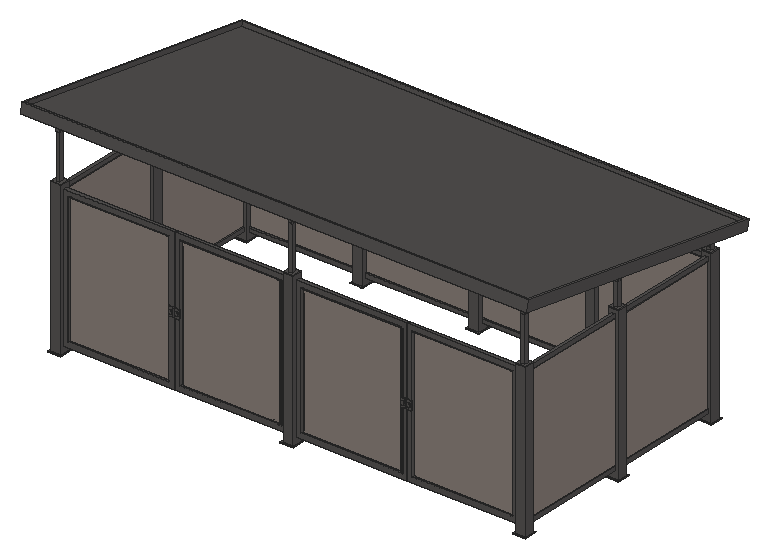
Revit family "Specialty_Equipment-Covrit-Roofed_Enclosure-Double-rev2", category Specialty Equipment, Revit 2023
Family settings
  Round Connector Dimension = Use Diameter
  Part Type = Normal
  Work Plane-Based = No
  Enable Cutting in Views = No
  Always vertical = Yes
  Cut with Voids When Loaded = No
  Maintain Annotation Orientation = No
  Shared = No
  Room Calculation Point = No
Parameters (values of type "1122R")
  URL = "https://cityscapesinc.com/"
  Model = "1122R"
  CD_Width Requested = 22' - 0"
  CD_Width Min = 22' - 0"  # constant formula
  CD_Width Max = 26' - 0"  # constant formula
  CD_Width = if(CD_Width Requested < CD_Width Min, CD_Width Min, if(CD_Width Requested > CD_Width Max, CD_Width Max, CD_Width Requested))  # 22' - 0"
  Type Comments = if(CD_Surface Mount, "Surface Mounted Covrit System", "Direct Bury Covrit System")  # "Surface Mounted Covrit System"
  CD_Surface Mount = not(CD_Direct Bury)  # yes
  CD_Product Page = "https://cityscapesinc.com/products/covrit/dumpster-enclosures"
  CD_Product Name = "Covrit Dumpster Enclosure"  # constant formula
  CD_Product Documentation Link = "https://cityscapesinc.com/products/covrit/dumpster-enclosures"
  CD_Post Spacing Width = (CD_Width / CD_# Panels Width)  # 11' - 0"
  CD_Post Spacing Depth = CD_Depth / 2  # 5' - 6"
  Manufacturer = "CityScapes"  # constant formula
  CD_Microsite = "https://www.caddetails.com/"
  CD_Infill = no
  CD_Height Roof Eave = 7' - 9"  # constant formula
  CD_Direct Bury = no
  Description = "Dumpster Gates & Walls"  # constant formula
  CD_Depth Requested = 11' - 0"
  CD_Depth Min = 11' - 0"  # constant formula
  CD_Depth Max = 13' - 0"  # constant formula
  CD_Depth = if(CD_Depth Requested < CD_Depth Min, CD_Depth Min, if(CD_Depth Requested > CD_Depth Max, CD_Depth Max, CD_Depth Requested))  # 11' - 0"
  CD_Height Wall = if(CD_8' Wall, 8' 0", if(CD_9' Wall, 9' 0", 7' 0"))  # 7' - 0"
  CD_Height Roof Peak = CD_Height Wall + 3' 8"  # 10' - 8"
  Default Elevation = 0' - 0"  # constant formula
  CD_Width Gate = CD_Width / 2  # 11' - 0"
  CD_Finish Frame = Metal-Aluminum-Cityscapes-Electric_Black
  CD_Finish = Plastic-PVC-CityScapes-Vertical-Kona
  CD_Embeddment Offset = if(CD_Direct Bury, 4' 0", 0' 0")  # 0' - 0"
  CD_9' Wall = no
  CD_8' Wall = no
  CD_7' Wall = not(or(CD_8' Wall, CD_9' Wall))  # yes
  CD_# Panels Width = 2  # constant formula
Types (8): name | Model | CD_Width Requested | CD_Width | CD_Post Spacing Width | CD_Post Spacing Depth | CD_Infill | CD_Depth Requested | CD_Depth | CD_Width Gate
  (no name) | "1122R" | 22' - 0" | 22' - 0" | 11' - 0" | 5' - 6" | no | 11' - 0" | 11' - 0" | 11' - 0"
  1122R | "1122R" | 22' - 0" | 22' - 0" | 11' - 0" | 5' - 6" | no | 11' - 0" | 11' - 0" | 11' - 0"
  1122R (Infill) | "1122R" | 22' - 0" | 22' - 0" | 11' - 0" | 5' - 6" | yes | 11' - 0" | 11' - 0" | 11' - 0"
  1133R | "1133R" | 33' - 0" | 26' - 0" | 13' - 0" | 5' - 6" | no | 11' - 0" | 11' - 0" | 13' - 0"
  1133R (Infill) | "1133R" | 33' - 0" | 26' - 0" | 13' - 0" | 5' - 6" | yes | 11' - 0" | 11' - 0" | 13' - 0"
  1326R | "1326R" | 26' - 0" | 26' - 0" | 13' - 0" | 6' - 6" | no | 13' - 0" | 13' - 0" | 13' - 0"
  1326R (Infill) | "1326R" | 26' - 0" | 26' - 0" | 13' - 0" | 6' - 6" | yes | 13' - 0" | 13' - 0" | 13' - 0"
  Custom Size | "Custom" | 22' - 0" | 22' - 0" | 11' - 0" | 5' - 6" | no | 11' - 0" | 11' - 0" | 11' - 0"
Reference planes (in)
  plane 1 "Center (Front/Back)": y = 0
  plane 2 "Bottom": z = 0
  plane 3 "Center (Left/Right)": x = 0
  plane 4 "Back": y = 66
  plane 5 "Front": y = -66
  plane 6 "Left": x = -132
  plane 7 "Right": x = 132
  plane 8 "Roof Peak": z = 128
  plane 9 "Roof Eave": z = 93
  plane 10 "roof offset front": y = -78
  plane 11 "roof offset back": y = 78
  plane 12 "gate r": x = 66
  plane 13 "gate l": x = -66
Lines and regions (in)
  reference lines
    curve 1: line (0, 78, 93) -> (0, -78, 128)
Dimensions and locks (in)
  equal spacing: plane 6 "Left", plane 3 "Center (Left/Right)", plane 7 "Right"
  "CD_Width": plane 6 "Left" to plane 7 "Right"
  equal spacing: plane 5 "Front", plane 1 "Center (Front/Back)", plane 4 "Back"
  "CD_Depth": plane 5 "Front" to plane 4 "Back"
  "CD_Height Roof Peak": plane 8 "Roof Peak" to plane 2 "Bottom"
  "CD_Height Roof Eave": plane 9 "Roof Eave" to plane 2 "Bottom"
  locked: plane 5 "Front" to plane 10 "roof offset front" at 12
  locked: plane 11 "roof offset back" to plane 4 "Back" at 12
  equal spacing: plane 6 "Left", plane 13 "gate l", plane 3 "Center (Left/Right)"
  equal spacing: plane 3 "Center (Left/Right)", plane 12 "gate r", plane 7 "Right"
  aligned and locked: level to plane 2 "Bottom"
  aligned and locked: plane 5 "Front" to nested 1
  aligned and locked: plane 4 "Back" to nested 1
  aligned and locked: plane 6 "Left" to nested 2
  aligned and locked: plane 4 "Back" to nested 3
  aligned and locked: plane 5 "Front" to nested 3
  aligned and locked: plane 6 "Left" to nested 1
  aligned and locked: plane 4 "Back" to nested 2
  aligned and locked: plane 11 "roof offset back" to curve 1
  aligned and locked: plane 9 "Roof Eave" to curve 1
  aligned and locked: plane 10 "roof offset front" to curve 1
  aligned and locked: plane 8 "Roof Peak" to curve 1
  aligned and locked: plane 8 "Roof Peak" to nested 4
  aligned and locked: plane 1 "Center (Front/Back)" to nested 4
  aligned and locked: nested 4 to curve 1
  aligned and locked: nested 5 to plane 2 "Bottom"
  aligned and locked: plane 5 "Front" to nested 5
  aligned and locked: plane 3 "Center (Left/Right)" to nested 5
  aligned and locked: plane 5 "Front" to nested 7
  aligned and locked: nested 7 to plane 3 "Center (Left/Right)"
  aligned and locked: nested 7 to plane 12 "gate r"
  aligned and locked: plane 7 "Right" to nested 8
  aligned and locked: nested 8 to plane 12 "gate r"
  aligned and locked: plane 5 "Front" to nested 10
  aligned and locked: nested 9 to plane 5 "Front"
  aligned and locked: plane 6 "Left" to nested 10
  aligned and locked: nested 10 to plane 13 "gate l"
  aligned and locked: nested 9 to plane 13 "gate l"
  aligned and locked: nested 9 to plane 3 "Center (Left/Right)"
  aligned and locked: nested 3 to plane 7 "Right"
  aligned and locked: nested 8 to plane 5 "Front"
Nested families (in)
  nested 1: "Specialty_Equipment-Cityscapes-Covrit_NESTED" at (-132, -66, 0) x (0, 1, 0) z (0, 0, 1), type "Covrit_Line-Based_Nested"
    with built-in parameter 1001306 11 (stored number, unit not read), CD_n_Posts Calc 2, CD_n_Posts 2, CD_n_Panels 2, CD_Show First Post yes, CD_Post Spacing Control 5' - 6", CD_Post Spacing 5' - 6", CD_Panel Width 5' - 0 1/2", CD_Offset Intermediate Posts 0' - 0", CD_Offset 2 Post 0' - 0", CD_Length Actual 11' - 0", CD_Last Post Calc 0, CD_Intermediate Posts yes, CD_2 Post no, # Posts 2, CD_Wall Height Control 7' - 0", CD_H Post 7' - 0", CD_H Panel 7' - 0", CD_Wall Height 7' - 0"
  nested 2: "Specialty_Equipment-Cityscapes-Covrit_NESTED" at (-132, 66, 0), type "Covrit_Line-Based_Nested"
    with built-in parameter 1001306 11 (stored number, unit not read), CD_n_Posts Calc 2, CD_n_Posts 2, CD_n_Panels 2, CD_Show First Post no, CD_Post Spacing Control 5' - 6", CD_Post Spacing 5' - 6", CD_Panel Width 5' - 0 1/2", CD_Offset Intermediate Posts 0' - 0", CD_Offset 2 Post 0' - 0", CD_Length Actual 11' - 0", CD_Last Post Calc 0, CD_Intermediate Posts yes, CD_2 Post no, # Posts 2, CD_Wall Height Control 7' - 0", CD_H Post 7' - 0", CD_H Panel 7' - 0", CD_Wall Height 7' - 0"
  nested 3: "Specialty_Equipment-Cityscapes-Covrit_NESTED" at (132, 66, 0) x (0, -1, 0) z (0, 0, 1), type "Covrit_Line-Based_Nested"
    with built-in parameter 1001306 11 (stored number, unit not read), CD_n_Posts Calc 2, CD_n_Posts 2, CD_n_Panels 2, CD_Show First Post no, CD_Post Spacing Control 5' - 6", CD_Post Spacing 5' - 6", CD_Panel Width 5' - 0 1/2", CD_Offset Intermediate Posts 0' - 0", CD_Offset 2 Post 0' - 0", CD_Length Actual 11' - 0", CD_Last Post Calc 0, CD_Intermediate Posts yes, CD_2 Post no, # Posts 2, CD_Wall Height Control 7' - 0", CD_H Post 7' - 0", CD_H Panel 7' - 0", CD_Wall Height 7' - 0"
  nested 4: "Specialty_Equipment-Covrit-Roofed_Enclosure-Roof_1122R_NESTED" at (0, 0, 128), type "1122R"
  nested 5: "Specialty_Equipment-Cityscapes-Covrit_Post_NESTED" at (0, -66, 0) x (0, -1, 0) z (0, 0, 1), H <- "CD_Height Wall", CD_Embedment Offset <- "CD_Embeddment Offset", CD_Finish Frame <- "CD_Finish Frame", type "Specialty_Equipment-Cityscapes-Covrit_Post_NESTED"
    with H 7' - 0", CD_Finish Frame Metal-Aluminum-Cityscapes-Electric_Black, CD_Embedment Offset 0' - 0", CD_Baseplate yes
  nested 6: "Specialty_Equipment-Cityscapes-Covrit_NESTED" at (0, 66, 0), type "Covrit_Line-Based_Nested"
    with built-in parameter 1001306 11 (stored number, unit not read), CD_n_Posts Calc 2, CD_n_Posts 2, CD_n_Panels 2, CD_Show First Post no, CD_Post Spacing Control 5' - 6", CD_Post Spacing 5' - 6", CD_Panel Width 5' - 0 1/2", CD_Offset Intermediate Posts 0' - 0", CD_Offset 2 Post 0' - 0", CD_Length Actual 11' - 0", CD_Last Post Calc 0, CD_Intermediate Posts yes, CD_2 Post no, # Posts 2, CD_Wall Height Control 7' - 0", CD_H Post 7' - 0", CD_H Panel 7' - 0", CD_Wall Height 7' - 0"
  nested 7: "Specialty_Equipment-Cityscapes-Covrit_Gate_NESTED" at (36, -65.5, 0), H <- "CD_Height Wall", Material_Frame <- "CD_Finish Frame", Material_Panel <- "CD_Finish", type "7.2 Rib"
    with W 5' - 6", Material_Panel Plastic-PVC-CityScapes-Vertical-Kona, Material_Frame Metal-Aluminum-Cityscapes-Electric_Black, H 7' - 0"
  nested 8: "Specialty_Equipment-Cityscapes-Covrit_Gate_NESTED" at (96, -65.5, 0) x (-1, 0, 0) z (0, 0, 1), H <- "CD_Height Wall", Material_Frame <- "CD_Finish Frame", Material_Panel <- "CD_Finish", type "7.2 Rib"
    with W 5' - 6", Material_Panel Plastic-PVC-CityScapes-Vertical-Kona, Material_Frame Metal-Aluminum-Cityscapes-Electric_Black, H 7' - 0"
  nested 9: "Specialty_Equipment-Cityscapes-Covrit_Gate_NESTED" at (-36, -65.5, 0) x (-1, 0, 0) z (0, 0, 1), H <- "CD_Height Wall", Material_Frame <- "CD_Finish Frame", Material_Panel <- "CD_Finish", type "7.2 Rib"
    with W 5' - 6", Material_Panel Plastic-PVC-CityScapes-Vertical-Kona, Material_Frame Metal-Aluminum-Cityscapes-Electric_Black, H 7' - 0"
  nested 10: "Specialty_Equipment-Cityscapes-Covrit_Gate_NESTED" at (-96, -65.5, 0), H <- "CD_Height Wall", Material_Frame <- "CD_Finish Frame", Material_Panel <- "CD_Finish", type "7.2 Rib"
    with W 5' - 6", Material_Panel Plastic-PVC-CityScapes-Vertical-Kona, Material_Frame Metal-Aluminum-Cityscapes-Electric_Black, H 7' - 0"
Definition of nested family "Specialty_Equipment-Cityscapes-Covrit_NESTED"
  Parameters (values of type "Covrit_Line-Based_Nested")
    Type Comments = if(CD_Surface Mount, "Surface Mounted Covrit System", "Direct Bury Covrit System")  # "Surface Mounted Covrit System"
    CD_Wall Height Control = if(CD_Wall Height < 14' 0", CD_Wall Height, 14' 0")  # 6' - 4"
    CD_Surface Mount Offset = 0' - 0"  # constant formula
    CD_Post Spacing [instance] = CD_Length Actual / # Posts  # 6' - 6"
    CD_Intermediate Posts [instance] = if(CD_n_Posts Calc < 2, 1 = 0, 1 = 1)  # yes
    CD_Show First Post [instance] = yes
    CD_Direct Bury Embedment Depth = 4' - 0"
    CD_2 Post [instance] = no
    CD_n_Posts Calc [instance] = ([built-in parameter 1001306] / CD_Post Spacing Control) - CD_Last Post Calc  # 2
    CD_n_Posts [instance] = if((([built-in parameter 1001306] / CD_Post Spacing Control) - CD_Last Post Calc) < 2, 2, (rounddown(([built-in parameter 1001306] / CD_Post Spacing Control) - CD_Last Post Calc)))  # 2
    CD_n_Panels [instance] = if((([built-in parameter 1001306] / CD_Post Spacing Control) - CD_Last Post Calc) < 2, 2, (rounddown(([built-in parameter 1001306] / CD_Post Spacing Control))))  # 2
    URL = "https://cityscapesinc.com/"
    CD_Offset Intermediate Posts [instance] = if(CD_Intermediate Posts, 0' 0", 0' 0")  # 0' - 0"
    CD_Offset 2 Post [instance] = if(CD_2 Post, 0' 0 1/4", 0' 0")  # 0' - 0"
    Model = "Covrit"  # constant formula
    CD_Finish = none
    CD_Finish Frame = none
    Manufacturer = "CityScapes"  # constant formula
    built-in parameter 1001306 [instance] = CD_Length Actual  # 13' - 0"
    CD_Post Embedment = if(CD_Surface Mount, CD_Surface Mount Offset, CD_Direct Bury Embedment Depth)  # 0' - 0"
    CD_H Post = CD_Wall Height Control  # 6' - 4"
    CD_H Panel = CD_Wall Height Control  # 6' - 4"
    Description = "Dumpster Gates & Walls"  # constant formula
    Default Elevation = 0' - 0"  # constant formula
    CD_Wall Height = 6' - 4"
    CD_Product Page URL = "https://cityscapesinc.com/products/covrit/gates-walls"
    CD_Product Name = "Covrit"  # constant formula
    CD_Product Documentation Link = "https://9415688.fs1.hubspotusercontent-na1.net/hubfs/9415688/CityScapes%20Inc%20Assets/Brochures/Covrit%20Brochure.pdf"
    CD_Microsite = "https://www.caddetails.com/"
    CD_Surface Mount = yes
    CD_Post Spacing Control [instance] = if(CD_Post Spacing < 4' 0", 4' 0", if(CD_Post Spacing > 6' 6", 6' 6", CD_Post Spacing))  # 6' - 6"
    CD_Panel Width [instance] = CD_Post Spacing Control - 0' 5 1/2"  # 6' - 0 1/2"
    CD_Length Actual [instance] = 13' - 0"
    CD_Last Post Calc [instance] = 0
    CD_Direct Bury = not(CD_Surface Mount)  # no
    Assembly Code = "E1010900"
    # Posts [instance] = if(CD_Length Actual < 14' 0", 2, if(CD_Length Actual > 19' 6", 4, 3))  # 2
  Reference planes (in)
    plane 1 "Center (Front/Back)": y = 0
    plane 2 "Bottom": z = 0
    plane 3 "Left": x = 0
    plane 4 "Right": x = 156
    plane 5 "Post 1": x = 78
    plane 6 "Post End": x = 156
    plane 7 "Post 2": x = 156
    plane 8 "2 Post Offset": y = 0
    plane 9 "Intermediate Post Offset": y = 0
    plane 10 "Insertion Plane": x = 2.75
  Lines and regions (in)
    reference lines
      curve 1: line (0, 0, 0) -> (156, 0, 0)
  Dimensions and locks (in)
    "built-in parameter 1001306": plane 3 "Left" to plane 4 "Right"
    "CD_Post Spacing Control": plane 3 "Left" to plane 5 "Post 1"
    "CD_Length Actual": plane 3 "Left" to plane 6 "Post End"
    "CD_Post Spacing Control": plane 5 "Post 1" to plane 7 "Post 2"
    group 1 to group 2 = 6' - 6"
    group 1 to group 2 = 0' - 0"  (x2)
    group 3 to group 4 = 6' - 6"
    group 3 to group 4 = 0' - 0"  (x2)
    "CD_Offset 2 Post": plane 8 "2 Post Offset" to plane 1 "Center (Front/Back)"
    "CD_Offset Intermediate Posts": plane 9 "Intermediate Post Offset" to plane 1 "Center (Front/Back)"
    plane 3 "Left" to plane 10 "Insertion Plane" = 0' - 2 3/4"
    aligned and locked: plane 4 "Right" to curve 1
    aligned and locked: plane 1 "Center (Front/Back)" to curve 1
    aligned and locked: plane 3 "Left" to curve 1
    aligned and locked: level to plane 2 "Bottom"
    aligned and locked: plane 3 "Left" to nested 1
    aligned and locked: plane 5 "Post 1" to nested 2
    aligned and locked: plane 7 "Post 2" to nested 3
    aligned and locked: plane 6 "Post End" to nested 4
    aligned and locked: nested 5 to level
    aligned and locked: plane 3 "Left" to nested 5
    aligned and locked: plane 3 "Left" to nested 6
    aligned and locked: plane 5 "Post 1" to nested 7
    aligned and locked: plane 8 "2 Post Offset" to nested 6
    aligned and locked: plane 8 "2 Post Offset" to nested 4
    aligned and locked: plane 9 "Intermediate Post Offset" to nested 5
    aligned and locked: plane 9 "Intermediate Post Offset" to nested 7
    aligned and locked: plane 9 "Intermediate Post Offset" to nested 2
    aligned and locked: plane 9 "Intermediate Post Offset" to nested 3
    aligned and locked: plane 1 "Center (Front/Back)" to nested 1
  Nested families (in)
    nested 1: "Specialty_Equipment-Cityscapes-Covrit_Post_NESTED" at (0, 0, 0), visible <- "CD_Show First Post", H <- "CD_H Post", CD_Finish Frame <- "CD_Finish Frame", CD_Embedment Offset <- "CD_Post Embedment", type "Specialty_Equipment-Cityscapes-Covrit_Post_NESTED"
      with H 6' - 4", CD_Finish Frame none, CD_Embedment Offset 0' - 0", CD_Baseplate yes
    nested 2: "Specialty_Equipment-Cityscapes-Covrit_Post_NESTED" at (78, 0, 0), visible <- "CD_Intermediate Posts", H <- "CD_H Post", CD_Finish Frame <- "CD_Finish Frame", CD_Embedment Offset <- "CD_Post Embedment", type "Specialty_Equipment-Cityscapes-Covrit_Post_NESTED"
      with H 6' - 4", CD_Finish Frame none, CD_Embedment Offset 0' - 0", CD_Baseplate yes
    nested 3: "Specialty_Equipment-Cityscapes-Covrit_Post_NESTED" at (156, 0, 0), visible <- "CD_Intermediate Posts", H <- "CD_H Post", CD_Finish Frame <- "CD_Finish Frame", CD_Embedment Offset <- "CD_Post Embedment", type "Specialty_Equipment-Cityscapes-Covrit_Post_NESTED"
      with H 6' - 4", CD_Finish Frame none, CD_Embedment Offset 0' - 0", CD_Baseplate yes
    nested 4: "Specialty_Equipment-Cityscapes-Covrit_Post_NESTED" at (156, 0, 0), visible <- "CD_2 Post", H <- "CD_H Post", CD_Finish Frame <- "CD_Finish Frame", CD_Embedment Offset <- "CD_Post Embedment", type "Specialty_Equipment-Cityscapes-Covrit_Post_NESTED"
      with H 6' - 4", CD_Finish Frame none, CD_Embedment Offset 0' - 0", CD_Baseplate yes
    nested 5: "Specialty_Equipment-Cityscapes-Covrit_Panel" at (39, 0.5, 0), H <- "CD_H Panel", visible <- "CD_Intermediate Posts", W <- "CD_Post Spacing Control", Material_Frame <- "CD_Finish Frame", Material_Panel <- "CD_Finish", type "7.2 Rib"
      with W 6' - 6", Material_Panel none, Material_Frame none, H 6' - 4"
    nested 6: "Specialty_Equipment-Cityscapes-Covrit_Panel" at (39, 0.5, 0), H <- "CD_H Panel", visible <- "CD_2 Post", W <- "CD_Post Spacing Control", Material_Frame <- "CD_Finish Frame", Material_Panel <- "CD_Finish", type "7.2 Rib"
      with W 6' - 6", Material_Panel none, Material_Frame none, H 6' - 4"
    nested 7: "Specialty_Equipment-Cityscapes-Covrit_Panel" at (117, 0.5, 0), H <- "CD_H Panel", visible <- "CD_Intermediate Posts", W <- "CD_Post Spacing Control", Material_Frame <- "CD_Finish Frame", Material_Panel <- "CD_Finish", type "7.2 Rib"
      with W 6' - 6", Material_Panel none, Material_Frame none, H 6' - 4"
  Definition of nested family "Specialty_Equipment-Cityscapes-Covrit_Post_NESTED"
    Parameters (values of type "Specialty_Equipment-Cityscapes-Covrit_Post_NESTED")
      CD_Baseplate [instance] = if(CD_Embedment Offset = 0' 0", 1 = 1, 1 = 0)  # no
      W = 0' - 5 1/2"  # constant formula
      CD_Finish Frame [instance] = none
      CD_Embedment Offset [instance] = 4' - 0"
      H [instance] = 8' - 0"
      Default Elevation = 0' - 0"  # constant formula
      D = 0' - 5 1/2"  # constant formula
    Reference planes (in)
      plane 1 "Center (Front/Back)": y = 0
      plane 2 "Bottom": z = 0
      plane 3 "Center (Left/Right)": x = 0
      plane 4: x = -2.75
      plane 5: x = 2.75
      plane 6: y = 2.75
      plane 7: y = -2.75
      plane 8 "Top": z = 96
      plane 9 "Embedment": z = -48
      plane 10 "Top Offset": z = 98.5
    Forms (in)
      Extrusion 1, solid, material <- "CD_Finish Frame"
        sketch origin (0, 0, 0) x (1, 0, 0) y (0, 1, 0)
          loop
            line (-2.75, -2.75) -> (2.75, -2.75) -> (2.75, 2.75) -> (-2.75, 2.75) -> (-2.75, -2.75)
        from -48 to 98.5
      Extrusion 2, solid, material <- "CD_Finish Frame", visible <- "CD_Baseplate", detail levels fine
        sketch origin (0, 0, 0) x (1, 0, 0) y (0, 1, 0)
          loop
            line (-3.75, 3.75) -> (-3.75, -3.75) -> (3.75, -3.75) -> (3.75, 3.75) -> (-3.75, 3.75)
        from 0 to 0.25
    Dimensions and locks (in)
      equal spacing: plane 4, plane 3 "Center (Left/Right)", plane 5
      "W": plane 4 to plane 5
      "D": plane 7 to plane 6
      equal spacing: plane 7, plane 1 "Center (Front/Back)", plane 6
      "H": plane 8 "Top" to level
      plane 1 "Center (Front/Back)" to Extrusion 1 = 0' - 2 3/4"
      Extrusion 2 sketch curve to plane 3 "Center (Left/Right)" to Extrusion 2 sketch curve = 0' - 3 3/4" locked, 0' - 3 3/4" locked
      Extrusion 2 sketch curve to plane 1 "Center (Front/Back)" to Extrusion 2 sketch curve = 0' - 3 3/4" locked, 0' - 3 3/4" locked
      locked: Extrusion 2 to level at 0.25
      "CD_Embedment Offset": level to plane 9 "Embedment"
      locked: plane 10 "Top Offset" to plane 8 "Top" at 2.5
      aligned and locked: level to plane 2 "Bottom"
      aligned and locked: Extrusion 1 to plane 6
      aligned and locked: plane 5 to Extrusion 1
      aligned and locked: plane 7 to Extrusion 1
      aligned and locked: Extrusion 1 to plane 4
      aligned and locked: Extrusion 1 to plane 9 "Embedment"
      aligned and locked: plane 10 "Top Offset" to Extrusion 1
    Automatic sketch dimensions
      plane 4 to Extrusion 1 sketch curve = 0' - 0"
      plane 5 to Extrusion 1 sketch curve = 0' - 0"
      plane 1 "Center (Front/Back)" to Extrusion 1 sketch curve = 0' - 2 3/4"
      plane 6 to Extrusion 1 sketch curve = 0' - 0"
  Definition of nested family "Specialty_Equipment-Cityscapes-Covrit_Panel"
    Parameters (values of type "7.2 Rib")
      TH Panel = 0' - 1"
      Material_Panel [instance] = none
      Material_Frame [instance] = none
      D Rail = 0' - 2"
      W [instance] = 6' - 0"
      H Rail = 0' - 2 3/4"
      H [instance] = 8' - 0"
      Default Elevation = 0' - 0"  # constant formula
      D = 0' - 5 1/2"  # constant formula
      CD_Curb Height = 0' - 4"  # constant formula
    Reference planes (in)
      plane 1 "Bottom": z = 0
      plane 2 "Center (Left/Right)": x = 0
      plane 3 "Left": x = -36
      plane 4 "Right": x = 36
      plane 5 "L Panel": x = -33.25
      plane 6 "R Panel": x = 33.25
      plane 7 "B Panel": z = 4
      plane 8 "Rail H Top": z = 93.25
      plane 9 "Rail H Bottom": z = 6.75
      plane 10 "Center (Front/Back)": y = -0.5
      plane 11 "H": z = 96
      plane 12 "Front Panel": y = -1
      plane 13 "Back Panel": y = 0
    Forms (in)
      Extrusion 1, solid, material <- "Material_Frame", detail levels coarse
        sketch origin (0, -0.25, 8) x (0, 1, 0) y (0, 0, 1)
          loop
            line (0.75, -4) -> (0.75, -1.25) -> (0.25, -1.25) -> (0.25, -2.25) -> (-0.75, -2.25) -> (-0.75, -1.25) -> (-1.25, -1.25) -> (-1.25, -4) -> (0.75, -4)
          loop
            line (0.75, 85.25) -> (0.75, 88) -> (-1.25, 88) -> (-1.25, 85.25) -> (-0.75, 85.25) -> (-0.75, 86.25) -> (0.25, 86.25) -> (0.25, 85.25) -> (0.75, 85.25)
        from -33.25 to 33.25
      Extrusion 2, solid, material <- "Material_Frame", detail levels medium+fine
        sketch origin (0, 0, 0) x (0, 1, 0) y (0, 0, 1)
          loop
            line (-1.5, 96) -> (-1.5, 93.75)
            arc (-1.5, 93.75) -> (-1.35355, 93.39645) -> (-1, 93.25) r 0.5
            line (-1, 93.25) -> (-1, 94.25) -> (0, 94.25) -> (0, 93.25)
            arc (0, 93.25) -> (0.35355, 93.39645) -> (0.5, 93.75) r 0.5
            line (0.5, 93.75) -> (0.5, 96) -> (-1.5, 96)
          loop
            line (-1.5, 6.25) -> (-1.5, 4) -> (0.5, 4) -> (0.5, 6.25)
            arc (0.5, 6.25) -> (0.35355, 6.60355) -> (0, 6.75) r 0.5
            line (0, 6.75) -> (0, 5.75) -> (-1, 5.75) -> (-1, 6.75)
            arc (-1, 6.75) -> (-1.35355, 6.60355) -> (-1.5, 6.25) r 0.5
        from -33.25 to 33.25
      Extrusion 3, solid, material <- "Material_Panel"
        sketch origin (0, -0.5, 0) x (1, 0, 0) y (0, 0, 1)
          loop
            line (-33.25, 94.25) -> (-33.25, 5.75) -> (33.25, 5.75) -> (33.25, 94.25) -> (-33.25, 94.25)
        from -0.5 to 0.5
    Dimensions and locks (in)
      equal spacing: plane 3 "Left", plane 2 "Center (Left/Right)", plane 4 "Right"
      "W": plane 3 "Left" to plane 4 "Right"
      locked: plane 3 "Left" to plane 5 "L Panel" at 2.75
      locked: plane 6 "R Panel" to plane 4 "Right" at 2.75
      "H Rail": plane 9 "Rail H Bottom" to plane 7 "B Panel"
      "D Rail": Extrusion 1 sketch curve to Extrusion 1 sketch curve  (x2)
      equal spacing: Extrusion 1 sketch curve, plane 10 "Center (Front/Back)", Extrusion 1 sketch curve  (x2)
      "CD_Curb Height": plane 7 "B Panel" to level
      "H": plane 11 "H" to level
      "H Rail": plane 11 "H" to plane 8 "Rail H Top"
      locked: Extrusion 1 sketch curve to plane 8 "Rail H Top" at 1
      Extrusion 1 sketch curve to plane 10 "Center (Front/Back)" to Extrusion 1 sketch curve = 0' - 0 1/2" locked, 0' - 0 1/2" locked  (x2)
      locked: plane 9 "Rail H Bottom" to Extrusion 1 sketch curve at 1
      "D Rail": Extrusion 2 sketch curve to Extrusion 2 sketch curve  (x2)
      equal spacing: Extrusion 2 sketch curve, plane 10 "Center (Front/Back)", Extrusion 2 sketch curve  (x2)
      locked: plane 9 "Rail H Bottom" to Extrusion 2 sketch curve at 1
      locked: Extrusion 2 sketch curve to plane 8 "Rail H Top" at 1
      equal spacing: plane 12 "Front Panel", plane 10 "Center (Front/Back)", plane 13 "Back Panel"
      "TH Panel": plane 12 "Front Panel" to plane 13 "Back Panel"
      locked: plane 9 "Rail H Bottom" to Extrusion 3 at 1
      locked: Extrusion 3 to plane 8 "Rail H Top" at 1
      aligned and locked: level to plane 1 "Bottom"
      aligned and locked: plane 6 "R Panel" to Extrusion 1
      aligned and locked: Extrusion 1 to plane 5 "L Panel"
      aligned and locked: plane 8 "Rail H Top" to Extrusion 1 sketch curve
      aligned and locked: Extrusion 1 sketch curve to plane 11 "H"
      aligned and locked: plane 7 "B Panel" to Extrusion 1 sketch curve
      aligned and locked: Extrusion 1 sketch curve to plane 9 "Rail H Bottom"
      aligned and locked: plane 11 "H" to Extrusion 2 sketch curve
      aligned and locked: Extrusion 2 sketch curve to plane 7 "B Panel"
      aligned and locked: plane 8 "Rail H Top" to Extrusion 2 sketch curve  (x2)
      aligned and locked: plane 9 "Rail H Bottom" to Extrusion 2 sketch curve  (x2)
      aligned and locked: plane 6 "R Panel" to Extrusion 2
      aligned and locked: Extrusion 2 to plane 5 "L Panel"
      aligned and locked: Extrusion 2 sketch curve to plane 12 "Front Panel"  (x2)
      aligned and locked: plane 13 "Back Panel" to Extrusion 2 sketch curve  (x2)
      aligned and locked: Extrusion 3 to plane 13 "Back Panel"
      aligned and locked: plane 12 "Front Panel" to Extrusion 3
      aligned and locked: Extrusion 3 to plane 5 "L Panel"
      aligned and locked: plane 6 "R Panel" to Extrusion 3
    Automatic sketch dimensions
      plane 5 "L Panel" to Extrusion 3 sketch curve = 0' - 0"
      Extrusion 3 sketch curve to plane 6 "R Panel" = 0' - 0"
      Extrusion 3 sketch curve to plane 9 "Rail H Bottom" = 0' - 1"
      plane 8 "Rail H Top" to Extrusion 3 sketch curve = 0' - 1"
      Extrusion 1 sketch curve to plane 9 "Rail H Bottom" = 0' - 0"
      Extrusion 1 sketch curve to plane 8 "Rail H Top" = 0' - 0"
      Extrusion 2 sketch curve to plane 12 "Front Panel" = 0' - 0"
      Extrusion 2 sketch curve to plane 8 "Rail H Top" = 0' - 0"
Definition of nested family "Specialty_Equipment-Covrit-Roofed_Enclosure-Roof_1122R_NESTED"
  Parameters (values of type "1122R")
    Width Requested = 22' - 0"
    Width Min = 22' - 0"  # constant formula
    Width Max = 26' - 0"  # constant formula
    Width = if(Width Requested < Width Min, Width Min, if(Width Requested > Width Max, Width Max, Width Requested))  # 22' - 0"
    Post Spacing Depth = Depth / 2  # 5' - 6"
    Infill = no
    Height Roof Eave = 7' - 9"  # constant formula
    Height Post Middle = 1' - 10"
    Height Post Low = 0' - 10 1/2"
    Height Post High = 2' - 10"
    Depth Requested = 11' - 0"
    Depth Min = 11' - 0"  # constant formula
    Depth Max = 13' - 0"  # constant formula
    Depth = if(Depth Requested < Depth Min, Depth Min, if(Depth Requested > Depth Max, Depth Max, Depth Requested))  # 11' - 0"
    Height Wall = 6' - 4"  # constant formula
    Height Roof Peak = 10' - 0"  # constant formula
    Default Elevation = 0' - 0"  # constant formula
    Center Post = if(Width > 13' 0", 1 = 1, 1 = 0)  # yes
    CD_Finish Frame = none
  Reference planes (in)
    plane 1 "Center (Front/Back)": y = 0
    plane 2 "Top": z = 0
    plane 3 "Center (Left/Right)": x = 0
    plane 4 "Back": y = 66
    plane 5 "Front": y = -66
    plane 6 "Left": x = -132
    plane 7 "Right": x = 132
    plane 8 "roof offset front": y = -78
    plane 9 "roof offset back": y = 78
    plane 10 "eave": z = -27
    plane 11 "Top post": z = -41.5
    plane 12 "left offset": x = -144
    plane 13 "right offset": x = 144
    plane 14 "vertex": z = -31.01228
    plane 15 "Center F/H": z = -19.5892
    plane 16 "Center F/I": z = -8.16613
    plane 17 "left offset 1": x = -129.25
    plane 18 "right offset 1": x = -2.75
    plane 19 "left offset 2": x = 2.75
    plane 20 "right offset 2": x = 129.25
    plane 21 "front offset 1": y = -63.25
    plane 22 "back offset 1": y = -2.75
    plane 23 "front offset 2": y = 2.75
    plane 24 "back offset 2": y = 63.25
    plane 25 "cl bay 1": x = -66
    plane 26 "cl bay 2": x = 66
  Forms (in)
    Extrusion 1, solid, material <- "CD_Finish Frame", detail levels coarse
      sketch origin (0, 0, 0) x (0, 1, 0) y (0, 0, 1)
        loop
          line (78, -27) -> (-78, 0) -> (-79.02325, -5.9121) -> (76.97675, -32.9121) -> (78, -27)
      from -144 to 144
    Sweep 2, solid, material <- "CD_Finish Frame", detail levels medium+fine
      path in 3D
        loop
          line (-144, -78, 0) -> (-144, 78, -27) -> (144, 78, -27) -> (144, -78, 0) -> (-144, -78, 0)
      profile origin (0, -78, 0) x (0, -0.170541, -0.985351) y (0, -0.985351, 0.170541)
        loop
          line (0, 0) -> (0, -1) -> (6, -1) -> (6, 0) -> (0, 0)
    Extrusion 3, solid, material <- "CD_Finish Frame", detail levels medium+fine
      sketch origin (0, 0, 0) x (0, 1, 0) y (0, 0, 1)
        loop
          line (76.37512, -30.52452) -> (76.63093, -29.0465) -> (-77.39837, -2.38758) -> (-77.65418, -3.86561) -> (76.37512, -30.52452)
      from -143 to 143
    Extrusion 4, solid, material <- "CD_Finish Frame"
      sketch origin (0, 0, 0) x (0, 1, 0) y (0, 0, 1)
        loop
          line (67.14901, -34.30735) -> (67.96933, -29.22851) -> (65.99492, -28.90961) -> (65.1746, -33.98844) -> (67.14901, -34.30735)
        loop
          line (1.14901, -22.80735) -> (1.96933, -17.72851) -> (-0.00508, -17.40961) -> (-0.8254, -22.48844) -> (1.14901, -22.80735)
        loop
          line (-64.85099, -10.80735) -> (-64.03067, -5.72851) -> (-66.00508, -5.40961) -> (-66.8254, -10.48844) -> (-64.85099, -10.80735)
      from -132 to 132
  Lines and regions (in)
    reference lines
      curve 1: line (0, 78, -27) -> (0, -78, 0)
    sketch lines
      curve 2: line (144, -78, 0) -> (-144, -78, 0)
      curve 3: line (144, 78, -27) -> (144, -78, 0)
      curve 4: line (144, 78, -27) -> (-144, 78, -27)
      curve 5: line (-144, -78, 0) -> (-144, 78, -27)
  Dimensions and locks (in)
    equal spacing: plane 6 "Left", plane 3 "Center (Left/Right)", plane 7 "Right"
    "Width": plane 6 "Left" to plane 7 "Right"
    equal spacing: plane 5 "Front", plane 1 "Center (Front/Back)", plane 4 "Back"
    "Depth": plane 5 "Front" to plane 4 "Back"
    locked: plane 5 "Front" to plane 8 "roof offset front" at 12
    locked: plane 9 "roof offset back" to plane 4 "Back" at 12
    locked: plane 10 "eave" to plane 11 "Top post" at 14.5
    locked: Extrusion 1 sketch curve to curve 1 at 6
    locked: plane 12 "left offset" to plane 6 "Left" at 12
    locked: plane 7 "Right" to plane 13 "right offset" at 12
    locked: profile plane to Sweep 2 sketch curve at 6
    locked: profile plane to Sweep 2 sketch curve at 1
    Sweep 2 to Extrusion 3 sketch curve to Extrusion 3 sketch curve = 0' - 2 1/4" locked, 0' - 1 1/2" locked
    plane 14 "vertex" to plane 11 "Top post" = 0' - 10.48772"
    plane 4 "Back" to plane 5 "Front" = 11' - 0"
    locked: nested 1 to Extrusion 4 sketch curve at 0.25  (x4)
    locked: nested 2 to Extrusion 4 sketch curve at 0.25  (x4)
    locked: Extrusion 4 sketch curve to nested 3 at 0.25  (x2)
    locked: nested 3 to Extrusion 4 sketch curve at 0.25
    Extrusion 4 sketch curve to nested 3 = 0' - 0 1/4"
    locked: plane 20 "right offset 2" to plane 7 "Right" at 2.75
    locked: plane 6 "Left" to plane 17 "left offset 1" at 2.75
    locked: plane 24 "back offset 2" to plane 4 "Back" at 2.75
    plane 22 "back offset 1" to plane 1 "Center (Front/Back)" to plane 23 "front offset 2" = 0' - 2 3/4" locked, 0' - 2 3/4" locked
    locked: plane 5 "Front" to plane 21 "front offset 1" at 2.75
    equal spacing: plane 17 "left offset 1", plane 25 "cl bay 1", plane 18 "right offset 1"
    plane 18 "right offset 1" to plane 3 "Center (Left/Right)" to plane 19 "left offset 2" = 0' - 2 3/4" locked, 0' - 2 3/4" locked
    equal spacing: plane 19 "left offset 2", plane 26 "cl bay 2", plane 20 "right offset 2"
    angle plane 10 "eave" to Sweep 2 = 9.8193°
    aligned and locked: level to plane 2 "Top"
    aligned and locked: plane 10 "eave" to curve 1
    aligned and locked: Extrusion 1 sketch curve to curve 1
    aligned and locked: plane 8 "roof offset front" to Extrusion 1 sketch curve
    aligned and locked: plane 9 "roof offset back" to Extrusion 1 sketch curve
    aligned and locked: Extrusion 1 to plane 12 "left offset"
    aligned and locked: plane 13 "right offset" to Extrusion 1
    aligned and locked: Sweep 2 sketch curve to profile plane  (x2)
    aligned and locked: Sweep 2 to Extrusion 3 sketch curve
    aligned and locked: Extrusion 3 sketch curve to Sweep 2
    aligned and locked: Extrusion 3 to Sweep 2  (x2)
    aligned and locked: plane 6 "Left" to nested 1
    aligned and locked: plane 4 "Back" to nested 1
    aligned and locked: plane 11 "Top post" to nested 1
    aligned and locked: nested 2 to plane 1 "Center (Front/Back)"
    aligned and locked: plane 6 "Left" to nested 2
    aligned and locked: plane 6 "Left" to nested 3
    aligned and locked: plane 5 "Front" to nested 3
    aligned and locked: plane 11 "Top post" to nested 2
    aligned and locked: plane 11 "Top post" to nested 3
    aligned and locked: plane 7 "Right" to nested 4
    aligned and locked: plane 4 "Back" to nested 4
    aligned and locked: plane 7 "Right" to nested 5
    aligned and locked: plane 1 "Center (Front/Back)" to nested 5
    aligned and locked: plane 7 "Right" to nested 6
    aligned and locked: plane 5 "Front" to nested 6
    aligned and locked: plane 11 "Top post" to nested 4
    aligned and locked: plane 11 "Top post" to nested 5
    aligned and locked: plane 11 "Top post" to nested 6
    aligned and locked: plane 5 "Front" to nested 7
    aligned and locked: plane 4 "Back" to nested 8
    aligned and locked: nested 7 to plane 3 "Center (Left/Right)"
    aligned and locked: plane 3 "Center (Left/Right)" to nested 8
    aligned and locked: Extrusion 4 to plane 7 "Right"
    aligned and locked: Extrusion 4 to plane 6 "Left"
    aligned and locked: nested 10 to plane 6 "Left"
    aligned and locked: plane 5 "Front" to nested 9
    aligned and locked: plane 23 "front offset 2" to nested 11
    aligned and locked: plane 24 "back offset 2" to nested 11
    aligned and locked: plane 22 "back offset 1" to nested 10
    aligned and locked: nested 11 to plane 6 "Left"
    aligned and locked: plane 17 "left offset 1" to nested 9
    aligned and locked: plane 25 "cl bay 1" to nested 9
    aligned and locked: plane 5 "Front" to nested 12
    aligned and locked: plane 25 "cl bay 1" to nested 12
    aligned and locked: plane 18 "right offset 1" to nested 12
    aligned and locked: plane 5 "Front" to nested 14
    aligned and locked: plane 5 "Front" to nested 13
    aligned and locked: plane 19 "left offset 2" to nested 13
    aligned and locked: plane 26 "cl bay 2" to nested 13
    aligned and locked: plane 26 "cl bay 2" to nested 14
    aligned and locked: plane 20 "right offset 2" to nested 14
    aligned and locked: plane 24 "back offset 2" to nested 16
    aligned and locked: plane 23 "front offset 2" to nested 16
    aligned and locked: plane 22 "back offset 1" to nested 15
    aligned and locked: plane 21 "front offset 1" to nested 10  (x2)
    aligned and locked: nested 15 to plane 7 "Right"
    aligned and locked: nested 16 to plane 7 "Right"
    aligned and locked: nested 15 to nested 10
    aligned and locked: plane 17 "left offset 1" to nested 17
    aligned and locked: plane 25 "cl bay 1" to nested 17
    aligned and locked: plane 25 "cl bay 1" to nested 18
    aligned and locked: plane 18 "right offset 1" to nested 18
    aligned and locked: plane 19 "left offset 2" to nested 20
    aligned and locked: plane 26 "cl bay 2" to nested 20
    aligned and locked: plane 26 "cl bay 2" to nested 19
    aligned and locked: plane 20 "right offset 2" to nested 19
    aligned and locked: nested 19 to plane 4 "Back"
    aligned and locked: plane 4 "Back" to nested 20
    aligned and locked: plane 4 "Back" to nested 17
    aligned and locked: nested 18 to plane 4 "Back"
  Automatic sketch dimensions
    curve 1 to level = 0' - 0"
    curve 1 to plane 8 "roof offset front" = 0' - 0"
    curve 1 to plane 9 "roof offset back" = 0' - 0"
  Nested families (in)
    nested 1: "Specialty_Equipment-Covrit-Roofed_Enclosure-Post_NESTED" at (-132, 66, -41.5), Height <- "Height Post Low", type "1111R"
      with Height 0' - 10 1/2"
    nested 2: "Specialty_Equipment-Covrit-Roofed_Enclosure-Post_NESTED" at (-132, 0, -41.5), Height <- "Height Post Middle", type "1111R"
      with Height 1' - 10"
    nested 3: "Specialty_Equipment-Covrit-Roofed_Enclosure-Post_NESTED" at (-132, -66, -41.5), Height <- "Height Post High", type "1111R"
      with Height 2' - 10"
    nested 4: "Specialty_Equipment-Covrit-Roofed_Enclosure-Post_NESTED" at (132, 66, -41.5), Height <- "Height Post Low", type "1111R"
      with Height 0' - 10 1/2"
    nested 5: "Specialty_Equipment-Covrit-Roofed_Enclosure-Post_NESTED" at (132, 0, -41.5), Height <- "Height Post Middle", type "1111R"
      with Height 1' - 10"
    nested 6: "Specialty_Equipment-Covrit-Roofed_Enclosure-Post_NESTED" at (132, -66, -41.5), Height <- "Height Post High", type "1111R"
      with Height 2' - 10"
    nested 7: "Specialty_Equipment-Covrit-Roofed_Enclosure-Post_NESTED" at (0, -66, -41.5), Height <- "Height Post High", visible <- "Center Post", type "1111R"
      with Height 2' - 10"
    nested 8: "Specialty_Equipment-Covrit-Roofed_Enclosure-Post_NESTED" at (0, 66, -41.5), Height <- "Height Post Low", visible <- "Center Post", type "1111R"
      with Height 0' - 10 1/2"
    nested 9: "Specialty_Equipment-Cityscapes-Covrit_Infill_NESTED" at (-102, -65.5, -41.5), H <- "Height Post High", visible <- "Infill", Material_Frame <- "CD_Finish Frame", type "Infill Panel - Front"
      with W 5' - 3 1/4", Material_Frame none, H 2' - 10"
    nested 10: "Specialty_Equipment-Cityscapes-Covrit_Infill_NESTED" at (-131.5, -27.25, -41.5) x (0, -1, 0) z (0, 0, 1), H <- "Height Post High", visible <- "Infill", Material_Frame <- "CD_Finish Frame", type "Infill Panel - Side"
      with W 5' - 0 1/2", Material_Frame none, H 2' - 10"
    nested 11: "Specialty_Equipment-Cityscapes-Covrit_Infill_NESTED" at (-131.5, 38.75, -41.5) x (0, -1, 0) z (0, 0, 1), H <- "Height Post Middle", visible <- "Infill", Material_Frame <- "CD_Finish Frame", type "Infill Panel - Side"
      with W 5' - 0 1/2", Material_Frame none, H 1' - 10"
    nested 12: "Specialty_Equipment-Cityscapes-Covrit_Infill_NESTED" at (-38.75, -65.5, -41.5), H <- "Height Post High", visible <- "Infill", Material_Frame <- "CD_Finish Frame", type "Infill Panel - Front"
      with W 5' - 3 1/4", Material_Frame none, H 2' - 10"
    nested 13: "Specialty_Equipment-Cityscapes-Covrit_Infill_NESTED" at (30, -65.5, -41.5), H <- "Height Post High", visible <- "Infill", Material_Frame <- "CD_Finish Frame", type "Infill Panel - Front"
      with W 5' - 3 1/4", Material_Frame none, H 2' - 10"
    nested 14: "Specialty_Equipment-Cityscapes-Covrit_Infill_NESTED" at (93.25, -65.5, -41.5), H <- "Height Post High", visible <- "Infill", Material_Frame <- "CD_Finish Frame", type "Infill Panel - Front"
      with W 5' - 3 1/4", Material_Frame none, H 2' - 10"
    nested 15: "Specialty_Equipment-Cityscapes-Covrit_Infill_NESTED" at (132.5, -27.25, -41.5) x (0, -1, 0) z (0, 0, 1), H <- "Height Post High", visible <- "Infill", Material_Frame <- "CD_Finish Frame", type "Infill Panel - Side"
      with W 5' - 0 1/2", Material_Frame none, H 2' - 10"
    nested 16: "Specialty_Equipment-Cityscapes-Covrit_Infill_NESTED" at (132.5, 38.75, -41.5) x (0, -1, 0) z (0, 0, 1), H <- "Height Post Middle", visible <- "Infill", Material_Frame <- "CD_Finish Frame", type "Infill Panel - Side"
      with W 5' - 0 1/2", Material_Frame none, H 1' - 10"
    nested 17: "Specialty_Equipment-Cityscapes-Covrit_Infill_NESTED" at (-102, 66.5, -41.5), H <- "Height Post Low", visible <- "Infill", Material_Frame <- "CD_Finish Frame", type "Infill Panel - Front"
      with W 5' - 3 1/4", Material_Frame none, H 0' - 10 1/2"
    nested 18: "Specialty_Equipment-Cityscapes-Covrit_Infill_NESTED" at (-30, 66.5, -41.5) x (-1, 0, 0) z (0, 0, 1), H <- "Height Post Low", visible <- "Infill", Material_Frame <- "CD_Finish Frame", type "Infill Panel - Front"
      with W 5' - 3 1/4", Material_Frame none, H 0' - 10 1/2"
    nested 19: "Specialty_Equipment-Cityscapes-Covrit_Infill_NESTED" at (102, 66.5, -41.5) x (-1, 0, 0) z (0, 0, 1), H <- "Height Post Low", visible <- "Infill", Material_Frame <- "CD_Finish Frame", type "Infill Panel - Front"
      with W 5' - 3 1/4", Material_Frame none, H 0' - 10 1/2"
    nested 20: "Specialty_Equipment-Cityscapes-Covrit_Infill_NESTED" at (30, 66.5, -41.5), H <- "Height Post Low", visible <- "Infill", Material_Frame <- "CD_Finish Frame", type "Infill Panel - Front"
      with W 5' - 3 1/4", Material_Frame none, H 0' - 10 1/2"
  Definition of nested family "Specialty_Equipment-Covrit-Roofed_Enclosure-Post_NESTED"
    Parameters (values of type "1111R")
      Height [instance] = 3' - 0"
      Default Elevation = 0' - 0"  # constant formula
      CD_Finish Frame = none
    Reference planes (in)
      plane 1 "Center (Front/Back)": y = 0
      plane 2 "Top": z = 0
      plane 3 "Center (Left/Right)": x = 0
      plane 4 "eave": z = 36
      plane 5 "Top Post": z = 31.75
    Forms (in)
      Extrusion 1, solid, material <- "CD_Finish Frame"
        sketch origin (0, 0, 0) x (1, 0, 0) y (0, 1, 0)
          loop
            line (-2.75, 2.75) -> (-2.75, -2.75) -> (2.75, -2.75) -> (2.75, 2.75) -> (-2.75, 2.75)
        from 0 to 0.25
      Extrusion 2, solid, material <- "CD_Finish Frame"
        sketch origin (0, 0, 0) x (1, 0, 0) y (0, 1, 0)
          loop
            line (-1, 1) -> (-1, -1) -> (1, -1) -> (1, 1) -> (-1, 1)
        from 0.25 to 31.75
      Extrusion 3, solid, material <- "CD_Finish Frame"
        sketch origin (0, 0, 0) x (0, 1, 0) y (0, 0, 1)
          loop
            line (1, 31.77006) -> (1, 27.5) -> (1.25, 27.5) -> (1.25, 31.75) -> (2.256, 37.97843) -> (-0.21202, 38.37706) -> (-1.25, 31.9506) -> (-1.25, 27.5) -> (-1, 27.5) -> (-1, 31.93054) -> (-0.86526, 32.76475) -> (1.10915, 32.44585) -> (1, 31.77006)
        from -1 to 1
    Dimensions and locks (in)
      equal spacing: Extrusion 1 sketch curve, plane 3 "Center (Left/Right)", Extrusion 1 sketch curve
      locked: Extrusion 1 sketch curve to Extrusion 1 sketch curve at 5.5  (x2)
      equal spacing: Extrusion 1 sketch curve, plane 1 "Center (Front/Back)", Extrusion 1 sketch curve
      locked: Extrusion 1 to level at 0.25
      Extrusion 2 sketch curve to plane 3 "Center (Left/Right)" to Extrusion 2 sketch curve = 0' - 1" locked, 0' - 1" locked
      Extrusion 2 sketch curve to plane 1 "Center (Front/Back)" to Extrusion 2 sketch curve = 0' - 1" locked, 0' - 1" locked
      locked: plane 4 "eave" to plane 5 "Top Post" at 4.25
      "Height": plane 4 "eave" to level
      locked: plane 5 "Top Post" to Extrusion 3 sketch curve at 4.25
      plane 5 "Top Post" to Extrusion 3 sketch curve = 0' - 4 1/4"
      Extrusion 3 sketch curve to Extrusion 2 to plane 1 "Center (Front/Back)" to Extrusion 2 to Extrusion 3 sketch curve = 0' - 0 1/4" locked, 0' - 1" locked, 0' - 1" locked, 0' - 0 1/4" locked
      locked: Extrusion 3 sketch curve to Extrusion 3 sketch curve at 2.5
      plane 5 "Top Post" to Extrusion 3 sketch curve to Extrusion 3 sketch curve = 0' - 0.86381" locked, 0' - 5.64466" locked
      aligned and locked: level to plane 2 "Top"
      aligned and locked: Extrusion 1 to level
      aligned and locked: Extrusion 2 to Extrusion 1
      aligned and locked: plane 5 "Top Post" to Extrusion 2
      aligned and locked: Extrusion 2 to Extrusion 3
      aligned and locked: Extrusion 3 to Extrusion 2
    Automatic sketch dimensions
      Extrusion 3 sketch curve to plane 5 "Top Post" = 0' - 0"
      plane 1 "Center (Front/Back)" to Extrusion 3 sketch curve = 0' - 0.21202"
      Extrusion 3 sketch curve to Extrusion 3 sketch curve = 0' - 0 1/4"
      plane 5 "Top Post" to Extrusion 3 sketch curve = 0' - 0.18054"
      Extrusion 3 sketch curve to Extrusion 3 sketch curve = 0' - 0.13474"
      plane 5 "Top Post" to Extrusion 3 sketch curve = 0' - 0.02006"
  Definition of nested family "Specialty_Equipment-Cityscapes-Covrit_Infill_NESTED"
    Parameters (values of type "Infill Panel - Side")
      TH Panel = 0' - 1"
      Side = yes
      Material_Frame [instance] = none
      Front = no
      D Rail = 0' - 2"
      W [instance] = 6' - 0"
      H [instance] = 4' - 0"
      Default Elevation = 0' - 0"  # constant formula
      Angle = if(Side, 9.18°, 0.00°)  # 9.18°
    Types (2): name | Side | Front | Angle
      Infill Panel - Front | no | yes | 0.00°
      Infill Panel - Side | yes | no | 9.18°
    Reference planes (in)
      plane 1 "Bottom": z = 0
      plane 2 "Center (Left/Right)": x = 0
      plane 3 "Left": x = -36
      plane 4 "R Panel": x = 36
      plane 5 "Center (Front/Back)": y = -0.5
      plane 6 "H": z = 48
      plane 7 "Front Panel": y = -1
      plane 8 "Back Panel": y = 0
      plane 9 "bottom offset": z = -2.5
      plane 10 "top offset": z = 43
    Forms (in)
      Sweep 1, solid, material <- "Material_Frame", visible <- "Front"
        path in 3D
          loop
            line (36, 0, 43) -> (36, 0, -2.5) -> (-36, 0, -2.5) -> (-36, 0, 43) -> (36, 0, 43)
        profile origin (0, 0, 43) x (0, 0, 1) y (0, -1, 0)
          loop
            line (0, 0) -> (0, 1) -> (-1.5, 1) -> (-1.5, 0) -> (0, 0)
      Sweep 2, solid, material <- "Material_Frame", visible <- "Side"
        path in 3D
          loop
            line (-36, 0, -2.5) -> (-36, 0, 31.37078) -> (36, 0, 43) -> (36, 0, -2.5) -> (-36, 0, -2.5)
        profile origin (0, 0, -2.5) x (0, 0, -1) y (0, -1, 0)
          loop
            line (0, 0) -> (0, 1) -> (-1.5, 1) -> (-1.5, 0) -> (0, 0)
      Extrusion 3, solid, material <- "Material_Frame"
        sketch origin (0, 0, 0) x (0, 1, 0) y (0, 0, 1)
          loop
            line (-0.125, 2) -> (-0.875, 2) -> (-0.875, 1.25) -> (-0.125, 1.25) -> (-0.125, 2)
          loop
            line (-0.125, 5) -> (-0.875, 5) -> (-0.875, 4.25) -> (-0.125, 4.25) -> (-0.125, 5)
          loop
            line (-0.125, 8) -> (-0.875, 8) -> (-0.875, 7.25) -> (-0.125, 7.25) -> (-0.125, 8)
          loop
            line (-0.125, 11) -> (-0.875, 11) -> (-0.875, 10.25) -> (-0.125, 10.25) -> (-0.125, 11)
          loop
            line (-0.125, 14) -> (-0.875, 14) -> (-0.875, 13.25) -> (-0.125, 13.25) -> (-0.125, 14)
          loop
            line (-0.125, 17) -> (-0.875, 17) -> (-0.875, 16.25) -> (-0.125, 16.25) -> (-0.125, 17)
          loop
            line (-0.125, 20) -> (-0.875, 20) -> (-0.875, 19.25) -> (-0.125, 19.25) -> (-0.125, 20)
          loop
            line (-0.125, 23) -> (-0.875, 23) -> (-0.875, 22.25) -> (-0.125, 22.25) -> (-0.125, 23)
          loop
            line (-0.125, 26) -> (-0.875, 26) -> (-0.875, 25.25) -> (-0.125, 25.25) -> (-0.125, 26)
          loop
            line (-0.125, 29) -> (-0.875, 29) -> (-0.875, 28.21637) -> (-0.125, 28.21637) -> (-0.125, 29)
          loop
            line (-0.125, 32) -> (-0.875, 32) -> (-0.875, 31.21637) -> (-0.125, 31.21637) -> (-0.125, 32)
          loop
            line (-0.125, 35) -> (-0.875, 35) -> (-0.875, 34.21637) -> (-0.125, 34.21637) -> (-0.125, 35)
          loop
            line (-0.125, 38) -> (-0.875, 38) -> (-0.875, 37.21637) -> (-0.125, 37.21637) -> (-0.125, 38)
          loop
            line (-0.125, 41) -> (-0.875, 41) -> (-0.875, 40.21637) -> (-0.125, 40.21637) -> (-0.125, 41)
        from -34.5 to 34.5
      Extrusion 4, void
        sketch origin (0, 0, 0) x (1, 0, 0) y (0, 0, 1)
          loop
            line (-34.5, 30.08744) -> (34.5, 41.23828) -> (34.5, 69.5) -> (-34.5, 69.5) -> (-34.5, 30.08744)
        from 0 to 1
    Cuts and joins
      Extrusion 4 cuts Extrusion 3
    Lines and regions (in)
      reference lines
        curve 1: line (-36, 0, 43) -> (36, 0, 43)
        curve 2: line (-36, 0, -2.5) -> (-36, 0, 43)
        curve 3: line (36, 0, -2.5) -> (-36, 0, -2.5)
        curve 4: line (36, 0, 43) -> (36, 0, -2.5)
        curve 5: line (36, 0, 43) -> (-36, 0, 31.37078)
        curve 6: line (-36, 0, 31.37078) -> (-36, 0, -2.5)
      sketch lines
        curve 7: line (-36, 0, 43) -> (36, 0, 43)
        curve 8: line (-36, 0, -2.5) -> (-36, 0, 43)
        curve 9: line (36, 0, -2.5) -> (-36, 0, -2.5)
        curve 10: line (36, 0, 43) -> (36, 0, -2.5)
        curve 11: line (36, 0, -2.5) -> (-36, 0, -2.5)
        curve 12: line (-36, 0, 31.37078) -> (-36, 0, -2.5)
        curve 13: line (36, 0, 43) -> (-36, 0, 31.37078)
        curve 14: line (36, 0, 43) -> (36, 0, -2.5)
    Dimensions and locks (in)
      plane 2 "Center (Left/Right)" to plane 4 "R Panel" = 3' - 0"
      "W": plane 3 "Left" to plane 4 "R Panel"
      "H": plane 6 "H" to level
      equal spacing: plane 7 "Front Panel", plane 5 "Center (Front/Back)", plane 8 "Back Panel"
      "TH Panel": plane 7 "Front Panel" to plane 8 "Back Panel"
      locked: level to plane 9 "bottom offset" at 2.5
      locked: plane 6 "H" to plane 10 "top offset" at 5
      locked: Sweep 1 sketch curve to profile plane at 1.5
      locked: Sweep 1 to profile plane at 1.5
      locked: Extrusion 4 sketch curve to plane 3 "Left" at 1.5
      locked: plane 4 "R Panel" to Extrusion 4 sketch curve at 1.5
      locked: plane 10 "top offset" to Extrusion 4 sketch curve at 1.76172
      locked: Extrusion 4 sketch curve to plane 9 "bottom offset" at 72
      locked: plane 10 "top offset" to curve 5 (angle 9.175°)
      "Angle": angle plane 10 "top offset" to Extrusion 4 sketch curve
      aligned and locked: level to plane 1 "Bottom"
      aligned and locked: plane 4 "R Panel" to curve 5
      aligned and locked: plane 10 "top offset" to curve 5
      aligned and locked: plane 3 "Left" to curve 5
      aligned and locked: curve 6 to plane 3 "Left"
      aligned and locked: profile plane to Sweep 1 sketch curve  (x2)
      aligned and locked: Sweep 1 sketch curve to plane 7 "Front Panel"
      aligned and locked: Sweep 2 sketch curve to Sweep 1  (x2)
      aligned and locked: Sweep 2 sketch curve to curve 2
      aligned and locked: Extrusion 3 to Sweep 1  (x2)
      aligned and locked: plane 7 "Front Panel" to Extrusion 4
      aligned and locked: Extrusion 4 to plane 8 "Back Panel"
    Automatic sketch dimensions
      curve 4 to plane 9 "bottom offset" = 0' - 0"
      profile plane to Sweep 2 sketch curve = 0' - 1 1/2"
      Extrusion 3 sketch curve to plane 7 "Front Panel" = 0' - 0 1/8"  (x14)
      plane 8 "Back Panel" to Extrusion 3 sketch curve = 0' - 0 1/8"  (x14)
      level to Extrusion 3 sketch curve = 0' - 1 1/4"
      Extrusion 3 sketch curve to Extrusion 3 sketch curve = 0' - 0 3/4"  (x9)
      Extrusion 3 sketch curve to Extrusion 3 sketch curve = 0' - 2 1/4"  (x8)
      Extrusion 3 sketch curve to Extrusion 3 sketch curve = 0' - 2.21637"  (x5)
      Extrusion 3 sketch curve to Extrusion 3 sketch curve = 0' - 0.78363"  (x5)
Definition of nested family "Specialty_Equipment-Cityscapes-Covrit_Post_NESTED"
  Parameters (values of type "Specialty_Equipment-Cityscapes-Covrit_Post_NESTED")
    CD_Baseplate [instance] = if(CD_Embedment Offset = 0' 0", 1 = 1, 1 = 0)  # no
    W = 0' - 5 1/2"  # constant formula
    CD_Finish Frame [instance] = none
    CD_Embedment Offset [instance] = 4' - 0"
    H [instance] = 8' - 0"
    Default Elevation = 0' - 0"  # constant formula
    D = 0' - 5 1/2"  # constant formula
  Reference planes (in)
    plane 1 "Center (Front/Back)": y = 0
    plane 2 "Bottom": z = 0
    plane 3 "Center (Left/Right)": x = 0
    plane 4: x = -2.75
    plane 5: x = 2.75
    plane 6: y = 2.75
    plane 7: y = -2.75
    plane 8 "Top": z = 96
    plane 9 "Embedment": z = -48
    plane 10 "Top Offset": z = 98.5
  Forms (in)
    Extrusion 1, solid, material <- "CD_Finish Frame"
      sketch origin (0, 0, 0) x (1, 0, 0) y (0, 1, 0)
        loop
          line (-2.75, -2.75) -> (2.75, -2.75) -> (2.75, 2.75) -> (-2.75, 2.75) -> (-2.75, -2.75)
      from -48 to 98.5
    Extrusion 2, solid, material <- "CD_Finish Frame", visible <- "CD_Baseplate", detail levels fine
      sketch origin (0, 0, 0) x (1, 0, 0) y (0, 1, 0)
        loop
          line (-3.75, 3.75) -> (-3.75, -3.75) -> (3.75, -3.75) -> (3.75, 3.75) -> (-3.75, 3.75)
      from 0 to 0.25
  Dimensions and locks (in)
    equal spacing: plane 4, plane 3 "Center (Left/Right)", plane 5
    "W": plane 4 to plane 5
    "D": plane 7 to plane 6
    equal spacing: plane 7, plane 1 "Center (Front/Back)", plane 6
    "H": plane 8 "Top" to level
    plane 1 "Center (Front/Back)" to Extrusion 1 = 0' - 2 3/4"
    Extrusion 2 sketch curve to plane 3 "Center (Left/Right)" to Extrusion 2 sketch curve = 0' - 3 3/4" locked, 0' - 3 3/4" locked
    Extrusion 2 sketch curve to plane 1 "Center (Front/Back)" to Extrusion 2 sketch curve = 0' - 3 3/4" locked, 0' - 3 3/4" locked
    locked: Extrusion 2 to level at 0.25
    "CD_Embedment Offset": level to plane 9 "Embedment"
    locked: plane 10 "Top Offset" to plane 8 "Top" at 2.5
    aligned and locked: level to plane 2 "Bottom"
    aligned and locked: Extrusion 1 to plane 6
    aligned and locked: plane 5 to Extrusion 1
    aligned and locked: plane 7 to Extrusion 1
    aligned and locked: Extrusion 1 to plane 4
    aligned and locked: Extrusion 1 to plane 9 "Embedment"
    aligned and locked: plane 10 "Top Offset" to Extrusion 1
  Automatic sketch dimensions
    plane 4 to Extrusion 1 sketch curve = 0' - 0"
    plane 5 to Extrusion 1 sketch curve = 0' - 0"
    plane 1 "Center (Front/Back)" to Extrusion 1 sketch curve = 0' - 2 3/4"
    plane 6 to Extrusion 1 sketch curve = 0' - 0"
Definition of nested family "Specialty_Equipment-Cityscapes-Covrit_Gate_NESTED"
  Parameters (values of type "7.2 Rib")
    TH Panel = 0' - 1"
    Material_Panel [instance] = none
    Material_Frame [instance] = none
    D Rail = 0' - 2"
    W [instance] = 6' - 0"
    H Rail = 0' - 3 1/2"
    H [instance] = 8' - 0"
    Default Elevation = 0' - 0"  # constant formula
    D = 0' - 5 1/2"  # constant formula
    CD_Curb Height = 0' - 4"  # constant formula
  Reference planes (in)
    plane 1 "Bottom": z = 0
    plane 2 "Center (Left/Right)": x = 0
    plane 3 "Left": x = -36
    plane 4 "L Panel": x = -33.25
    plane 5 "R Panel": x = 36
    plane 6 "B Panel": z = 4
    plane 7 "Rail H Top": z = 92.5
    plane 8 "Rail H Bottom": z = 7.5
    plane 9 "Center (Front/Back)": y = -0.5
    plane 10 "H": z = 96
    plane 11 "Front Panel": y = -1
    plane 12 "Back Panel": y = 0
  Forms (in)
    Extrusion 1, solid, material <- "Material_Panel"
      sketch origin (0, -0.5, 0) x (1, 0, 0) y (0, 0, 1)
        loop
          line (-30.75, 93.5) -> (-30.75, 6.5) -> (33.5, 6.5) -> (33.5, 93.5) -> (-30.75, 93.5)
      from -0.5 to 0.5
    Sweep 2, solid, material <- "Material_Frame"
      path in 3D
        loop
          line (36, 0, 96) -> (36, 0, 4) -> (-33.25, 0, 4) -> (-33.25, 0, 96) -> (36, 0, 96)
      profile origin (1.375, 0, 96) x (0, 0, 1) y (0, -1, 0)
        loop
          line (0, -0.5) -> (0, 1.5) -> (-3, 1.5)
          arc (-3, 1.5) -> (-3.35355, 1.35355) -> (-3.5, 1) r 0.5
          line (-3.5, 1) -> (-2.5, 1) -> (-2.5, 0) -> (-3.5, 0)
          arc (-3.5, 0) -> (-3.35355, -0.35355) -> (-3, -0.5) r 0.5
          line (-3, -0.5) -> (0, -0.5)
    Extrusion 3, solid, material <- "Material_Frame"
      sketch origin (0, -1, 0) x (1, 0, 0) y (0, 0, 1)
        loop
          arc (35.375, 40.75) -> (35.55178, 40.82322) -> (35.625, 41) r 0.25
          line (35.625, 41) -> (35.625, 45.5)
          arc (35.625, 45.5) -> (35.55178, 45.67678) -> (35.375, 45.75) r 0.25
          line (35.375, 45.75) -> (33.125, 45.75)
          arc (33.125, 45.75) -> (32.94822, 45.67678) -> (32.875, 45.5) r 0.25
          line (32.875, 45.5) -> (32.875, 41)
          arc (32.875, 41) -> (32.94822, 40.82322) -> (33.125, 40.75) r 0.25
          line (33.125, 40.75) -> (35.375, 40.75)
      from 0 to 1
    Extrusion 4, solid, material <- "Material_Frame"
      sketch origin (0, -0.05254, 0) x (1, 0, 0) y (0, 0, 1)
        loop
          circle (34.25, 43.25) r 1
      from 1.94746 to 2.32246
  Cuts and joins
    joined: Sweep 2, Extrusion 3, Extrusion 4
  Lines and regions (in)
    reference lines
      curve 1: line (-33.25, 0, 96) -> (36, 0, 96)
      curve 2: line (-33.25, 0, 4) -> (-33.25, 0, 96)
      curve 3: line (36, 0, 4) -> (-33.25, 0, 4)
      curve 4: line (36, 0, 96) -> (36, 0, 4)
    sketch lines
      curve 5: line (-33.25, 0, 96) -> (36, 0, 96)
      curve 6: line (36, 0, 96) -> (36, 0, 4)
      curve 7: line (-33.25, 0, 4) -> (-33.25, 0, 96)
      curve 8: line (36, 0, 4) -> (-33.25, 0, 4)
  Dimensions and locks (in)
    plane 4 "L Panel" to plane 2 "Center (Left/Right)" to plane 5 "R Panel" = 2' - 9 1/4", 3' - 0"
    "W": plane 3 "Left" to plane 5 "R Panel"
    locked: plane 3 "Left" to plane 4 "L Panel" at 2.75
    plane 8 "Rail H Bottom" to plane 6 "B Panel" = 0' - 3 1/2"
    "CD_Curb Height": plane 6 "B Panel" to level
    "H": plane 10 "H" to level
    "H Rail": plane 10 "H" to plane 7 "Rail H Top"
    equal spacing: plane 11 "Front Panel", plane 9 "Center (Front/Back)", plane 12 "Back Panel"
    "TH Panel": plane 11 "Front Panel" to plane 12 "Back Panel"
    plane 8 "Rail H Bottom" to Extrusion 1 = 0' - 1"
    locked: Extrusion 1 to plane 7 "Rail H Top" at 1
    locked: profile plane to Extrusion 1 at 1
    locked: Sweep 2 sketch curve to profile plane at 2.5
    locked: Extrusion 1 sketch curve to plane 4 "L Panel" at 2.5
    locked: plane 5 "R Panel" to Extrusion 1 sketch curve at 2.5
    locked: Extrusion 1 sketch curve to plane 6 "B Panel" at 2.5
    locked: plane 10 "H" to Extrusion 1 sketch curve at 2.5
    locked: Sweep 2 sketch curve to profile plane at 3.5
    Extrusion 3 sketch curve to Extrusion 3 sketch curve to level = 0' - 5" locked, 3' - 4 3/4" locked
    plane 5 "R Panel" to Extrusion 3 sketch curve to Extrusion 3 sketch curve = 0' - 0 3/8" locked, 0' - 2 3/4" locked
    locked: plane 5 "R Panel" to Extrusion 4 sketch curve at 1.75
    locked: Extrusion 4 sketch curve to level at 43.25
    aligned and locked: level to plane 1 "Bottom"
    aligned and locked: plane 4 "L Panel" to curve 2
    aligned and locked: profile plane to Sweep 2 sketch curve
    aligned and locked: Sweep 2 sketch curve to profile plane
    aligned and locked: Extrusion 3 to Extrusion 1
    aligned and locked: Extrusion 4 to cut or joined group of Sweep 2, Extrusion 3, Extrusion 4
  Automatic sketch dimensions
    curve 3 to plane 5 "R Panel" = 0' - 0"
    curve 3 to plane 6 "B Panel" = 0' - 0"
    curve 2 to plane 10 "H" = 0' - 0"
    Sweep 2 sketch curve to Sweep 2 sketch curve = 0' - 0 1/2"
    Sweep 2 sketch curve to profile plane = 0' - 0 1/2"
    Sweep 2 sketch curve to Sweep 2 sketch curve = 0' - 1"
    Sweep 2 sketch curve to Sweep 2 sketch curve = 0' - 0"
    Extrusion 3 sketch curve to Extrusion 3 sketch curve = 0' - 0 1/4"  (x3)
    Extrusion 3 sketch curve to plane 5 "R Panel" = 0' - 0 5/8"
    radius of Extrusion 4 sketch curve = 0' - 1"
